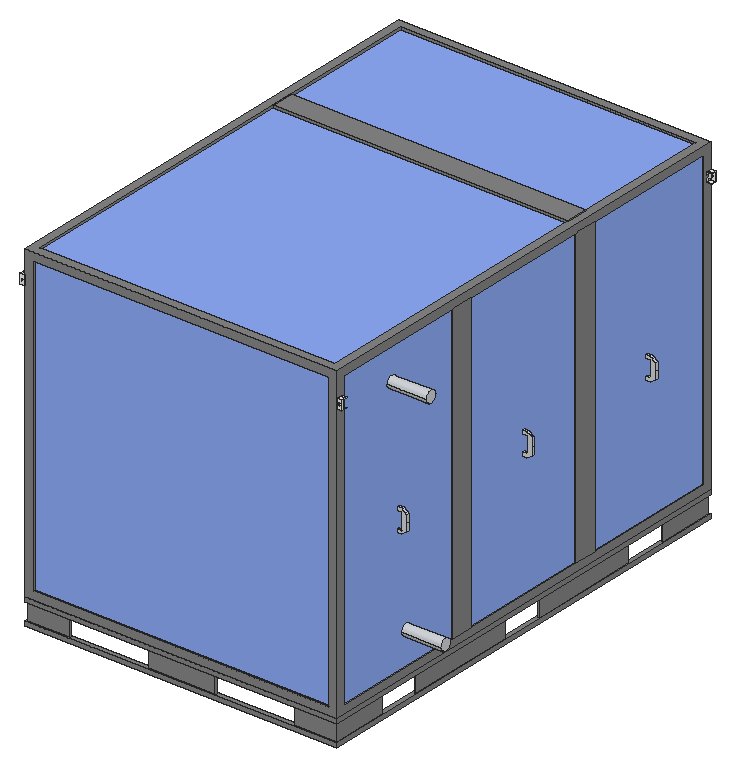
Revit family "25. Секция смешения с фильтром и водонагревателем ANR N3", category Оборудование, Revit 2016
Family settings
  Тип детали = Нормальный
  Размер круглого соединителя = Использовать диаметр
  На основе рабочей плоскости = Нет
  Всегда вертикально = Да
  При загрузке вырезать с полостями = Нет
  Общий = Нет
  Точка расчета площади = Нет
Parameters (values of type "ANR 12 N3")
  Ширина = А - 75 mm  # 1360 mm
  Синий = Синий
  Середина = h + Б1 / 2  # 837.5 mm
  Резьбовое соединение, дюймы = "G2\""
  Размер В = 1060 mm
  Д3 = Д1 / 6  # 355 mm
  Д2 = Д1 / 3  # 710 mm
  Д1 = Д - 20 mm  # 2130 mm
  Д = 2150 mm
  ножки(да/нет) [instance] = no
  Г = 85 mm
  Высота = Б - 75 mm  # 1360 mm
  Б1 = Б - 20 mm  # 1415 mm
  А1 = А - 20 mm  # 1415 mm
  А = 1435 mm
  высота ножек = 120 mm
  Б = 1435 mm
  Частотный преобразователь [instance] = no
  Частота вращения n, об/мин = ""
  Тип, марка, обозначение = "ANR 12 N3"
  Сила тока J, А = ""
  Регулятор расхода [instance] = no
  Раздел = "ОВ"
  Примечание = ""
  Позиция = ""
  Напряжение U,В = ""
  Наименование и тех.хар-ка = "Секция смешения с фильтром EU4  и водонагревателем"  # constant formula
  Мощность двигателя N,Вт = ""
  Материал = Сталь серая
  Масса единицы = ""
  Код, оборудования = ""
  Ключевая пометка = "Вентиляция"
  Задание электрикам [instance] = no
  Задание автоматчикам [instance] = no
  Завод изготовитель = "KORF"  # constant formula
  Единица измерения = "шт."  # constant formula
  h = высота ножек + 10 mm  # 130 mm
  d = 50.8 mm
Types (10, lengths in mm): name | Ширина | Середина | Резьбовое соединение, дюймы | Размер В | Д3 | Д2 | Д1 | Д | Г | Высота | Б1 | А1 | А | Б | Тип, марка, обозначение | d
  ANR 6 N3 | 1025 | 670 | "G1 1/4\"" | 735 | 267.5 | 535 | 1605 | 1625 | 85 | 1025 | 1080 | 1080 | 1100 | 1100 | "ANR 6 N3" | 31.8
  ANR 7 N3 | 1025 | 780 | "G1 1/2\"" | 985 | 267.5 | 535 | 1605 | 1625 | 85 | 1245 | 1300 | 1080 | 1100 | 1320 | "ANR 7 N3" | 38.1
  ANR 8 N3 | 1245 | 780 | "G1 1/2\"" | 985 | 267.5 | 535 | 1605 | 1625 | 85 | 1245 | 1300 | 1300 | 1320 | 1320 | "ANR 8 N3" | 38.1
  ANR 12 N3 | 1360 | 837.5 | "G2\"" | 1060 | 355 | 710 | 2130 | 2150 | 85 | 1360 | 1415 | 1415 | 1435 | 1435 | "ANR 12 N3" | 50.8
  ANR 20 N3 | 1585 | 950 | "G2\"" | 1355 | 355 | 710 | 2130 | 2150 | 85 | 1585 | 1640 | 1640 | 1660 | 1660 | "ANR 20 N3" | 50.8
  ANR 25 N3 | 1970 | 1142.5 | "G2 1/2\"" | 1740 | 355 | 710 | 2130 | 2150 | 85 | 1970 | 2025 | 2025 | 2045 | 2045 | "ANR 25 N3" | 63.5
  ANR 30 N3 | 2410 | 1142.5 | "G2 1/2\"" | 1685 | 355 | 710 | 2130 | 2150 | 100 | 1970 | 2025 | 2465 | 2485 | 2045 | "ANR 30 N3" | 63.5
  ANR 35 N3 | 2410 | 1362.5 | "G3\"" | 2125 | 355 | 710 | 2130 | 2150 | 125 | 2410 | 2465 | 2465 | 2485 | 2485 | "ANR 35 N3" | 76.2
  ANR 40 N3 | 3245 | 1780 | "G4\"" | 1355 | 355 | 710 | 2130 | 2150 | 100 | 3245 | 3300 | 3300 | 3320 | 3320 | "ANR 40 N3" | 101.6
  ANR 45 N3 | 3245 | 2165 | "G4\"" | 1740 | 355 | 710 | 2130 | 2150 | 125 | 4015 | 4070 | 3300 | 3320 | 4090 | "ANR 45 N3" | 101.6
Reference planes
  plane 1 "По центру (Вперед/Назад)": y = 0
  plane 2: z = 0
  plane 3 "По центру (Влево/Вправо)": x = 0
  plane 4: x = -707.5
  plane 5: x = 707.5
  plane 6: y = 1065
  plane 7: y = -1065
  plane 8: z = 1545
  plane 9: z = 130
  plane 10: z = 837.5
  plane 11: z = 1445
  plane 12: x = 574.5
  plane 13: x = 757.5
  plane 14: z = 1555
  plane 15: z = 1367.5
  plane 16: z = 307.5
  plane 17: x = 892.5
  plane 18: y = -752.5
  plane 19: y = -667.5
  plane 20: y = -355
  plane 21: y = 355
  plane 22: y = -303
  plane 23: y = -406.974
  plane 24: y = 303
  plane 25: y = 407
  plane 26: y = 710
  plane 27: y = -710
  plane 28: x = 717.5
  plane 29: y = 810
  plane 30: y = 610
  plane 31: y = -100
  plane 32: y = 100
  plane 33: y = -810
  plane 34: y = -610
Forms (mm)
  Extrusion 1, solid, material "Синий" <- "Синий", detail levels fine
    sketch origin (0, 0, 50) x (1, 0, 0) y (0, 1, 0)
      loop
        line (-707.5, 1065) -> (-707.5, -1065) -> (707.5, -1065) -> (707.5, 1065) -> (-707.5, 1065)
    from 80 to 1495
  Sweep 2, solid, material "Сталь серая" <- "Материал", detail levels fine
    path origin (707.5, -1065, 50) x (-1, 0, 0) y (0, 0, -1)
      loop
        line (0, -1495) -> (1415, -1495) -> (1415, -80) -> (0, -80) -> (0, -1495)
    profile "Профиль уголок 10х10 : Профиль уголок 10х10" origin (0, -1065, 1545) x (0, 0, -1) y (0, -1, 0)
      loop
        line (0, -27.5) -> (0, 0) -> (27.5, 0) -> (27.5, 10) -> (-10, 10) -> (-10, -27.5) -> (0, -27.5)
  Sweep 3, solid, material "Сталь серая" <- "Материал", detail levels fine
    path origin (-707.5, 1065, 50) x (1, 0, 0) y (0, 0, -1)
      loop
        line (0, -1495) -> (1415, -1495) -> (1415, -80) -> (0, -80) -> (0, -1495)
    profile "Профиль уголок 10х10 : Профиль уголок 10х10" origin (0, 1065, 1545) x (0, 0, -1) y (0, 1, 0)
      loop
        line (0, -27.5) -> (0, 0) -> (27.5, 0) -> (27.5, 10) -> (-10, 10) -> (-10, -27.5) -> (0, -27.5)
  Sweep 4, solid, material "Сталь серая" <- "Материал", detail levels fine
    path origin (707.5, 1065, 50) x (0, -1, 0) y (0, 0, -1)
      loop
        line (0, -1495) -> (2130, -1495) -> (2130, -80) -> (0, -80) -> (0, -1495)
    profile "Профиль уголок 10х10 : Профиль уголок 10х10" origin (707.5, 0, 1545) x (0, 0, -1) y (1, 0, 0)
      loop
        line (0, -27.5) -> (0, 0) -> (27.5, 0) -> (27.5, 10) -> (-10, 10) -> (-10, -27.5) -> (0, -27.5)
  Sweep 5, solid, material "Сталь серая" <- "Материал", detail levels fine
    path origin (-707.5, -1065, 50) x (0, 1, 0) y (0, 0, -1)
      loop
        line (0, -1495) -> (2130, -1495) -> (2130, -80) -> (0, -80) -> (0, -1495)
    profile "Профиль уголок 10х10 : Профиль уголок 10х10" origin (-707.5, 0, 1545) x (0, 0, -1) y (-1, 0, 0)
      loop
        line (0, -27.5) -> (0, 0) -> (27.5, 0) -> (27.5, 10) -> (-10, 10) -> (-10, -27.5) -> (0, -27.5)
  Extrusion 6, void, not visible
    sketch origin (-345, -245, 50) x (0, -1, 0) y (0, 0, -1)
      loop
        line (-477.965, -475) -> (-477.965, -450) -> (-528.913, -450) -> (-528.913, -475) -> (-477.965, -475)
    from -47.452 to 12
  Sweep 7, solid, material "Сталь серая" <- "Материал", detail levels fine
    path origin (0, 0, 0) x (1, 0, 0) y (0, 1, 0)
      loop
        line (-707.5, 1065) -> (-707.5, -1065) -> (707.5, -1065) -> (707.5, 1065) -> (-707.5, 1065)
    profile "Семейство1 : Семейство1" origin (0, 1065, 0) x (0, 1, 0) y (0, 0, 1)
      loop
        line (-10, 120) -> (-10, 100) -> (-3.38, 100) -> (-3.38, 20) -> (-10, 20) -> (-10, 0) -> (10, 0) -> (10, 20) -> (3.38, 20) -> (3.38, 100) -> (10, 100) -> (10, 120) -> (-10, 120)
  Extrusion 8, void
    sketch origin (0, 0, 0) x (1, 0, 0) y (0, 0, 1)
      loop
        line (152.369, 100) -> (152.369, 20) -> (516.298, 20) -> (516.298, 100) -> (152.369, 100)
      loop
        line (-152.369, 100) -> (-516.298, 100) -> (-516.298, 20) -> (-152.369, 20) -> (-152.369, 100)
    from -1075 to 1075
  Extrusion 9, solid, material "Сталь серая" <- "Материал", detail levels fine
    sketch origin (560, -260, 0) x (0, 1, 0) y (0, 0, 1)
      loop
        line (-146.974, 1517.5) -> (-146.974, 157.5) -> (-43, 157.5) -> (-43, 1517.5) -> (-146.974, 1517.5)
    from 157.5 to 147.5
  Extrusion 10, solid, detail levels fine
    sketch origin (0, 0, 0) x (0, 1, 0) y (0, 0, 1)
      loop
        circle (-752.5, 1367.5) r 25.4
    from 707.5 to 892.5
  Extrusion 11, solid, detail levels fine
    sketch origin (0, 0, 0) x (0, 1, 0) y (0, 0, 1)
      loop
        circle (-667.5, 307.5) r 25.4
    from 707.5 to 892.5
  Extrusion 12, solid, material "Сталь серая" <- "Материал", detail levels fine
    sketch origin (560, 262.3, -4.8) x (0, 1, 0) y (0, 0, 1)
      loop
        line (40.7, 1522.3) -> (40.7, 162.3) -> (144.7, 162.3) -> (144.7, 1522.3) -> (40.7, 1522.3)
    from 157.5 to 147.5
  Extrusion 13, solid, material "Сталь серая" <- "Материал", detail levels fine
    sketch origin (0, 0, 0) x (1, 0, 0) y (0, 1, 0)
      loop
        line (-680, 407) -> (-680, 303) -> (680, 303) -> (680, 407) -> (-680, 407)
    from 1545 to 1555
  Extrusion 14, void
    sketch origin (0, 0, 0) x (0, 1, 0) y (0, 0, 1)
      loop
        line (-810, 100) -> (-810, 20) -> (-610, 20) -> (-610, 100) -> (-810, 100)
      loop
        line (-100, 100) -> (-100, 20) -> (100, 20) -> (100, 100) -> (-100, 100)
      loop
        line (610, 100) -> (610, 20) -> (810, 20) -> (810, 100) -> (610, 100)
    from -1931.613 to 1786.181
Cuts and joins
  joined: Sweep 2, Sweep 3, Sweep 4, Sweep 5
  Extrusion 8, Extrusion 14 cuts Sweep 7
Lines and regions (mm)
  model lines, detail levels coarse
    curve 1: line (-717.5, 1075, 0) -> (717.5, 1075, 0)
    curve 2: line (-717.5, -1075, 0) -> (-717.5, 1075, 0)
    curve 3: line (717.5, -1075, 0) -> (-717.5, -1075, 0)
    curve 4: line (717.5, 1075, 0) -> (717.5, -1075, 0)
    curve 5: line (-717.5, 407, 0) -> (717.5, 407, 0)
    curve 6: circle (0, -710, 0) r 100 normal (0, 0, 1)
    curve 7: line (0, -610, 0) -> (0, -810, 0)
    curve 8: line (-100, -710, 0) -> (100, -710, 0)
    curve 9: line (-500.37, -136.12, 0) -> (-485.37, -136.12, 0)
    curve 10: line (-485.37, -136.12, 0) -> (-460.625, -243.301, 0)
    curve 11: line (-460.625, -243.301, 0) -> (-425.625, -243.301, 0)
    curve 12: line (-400.88, -136.12, 0) -> (-425.625, -243.301, 0)
    curve 13: line (-400.88, -136.12, 0) -> (-385.88, -136.12, 0)
    curve 14: line (-385.88, -136.12, 0) -> (-361.136, -243.301, 0)
    curve 15: line (-361.136, -243.301, 0) -> (-326.136, -243.301, 0)
    curve 16: line (-301.391, -136.12, 0) -> (-326.136, -243.301, 0)
    curve 17: line (-301.391, -136.12, 0) -> (-286.391, -136.12, 0)
    curve 18: line (-286.391, -136.12, 0) -> (-261.646, -243.301, 0)
    curve 19: line (-261.646, -243.301, 0) -> (-226.646, -243.301, 0)
    curve 20: line (-201.902, -136.12, 0) -> (-226.646, -243.301, 0)
    curve 21: line (-201.902, -136.12, 0) -> (-186.902, -136.12, 0)
    curve 22: line (-186.902, -136.12, 0) -> (-162.157, -243.301, 0)
    curve 23: line (-162.157, -243.301, 0) -> (-127.157, -243.301, 0)
    curve 24: line (-102.413, -136.12, 0) -> (-127.157, -243.301, 0)
    curve 25: line (-102.413, -136.12, 0) -> (-87.413, -136.12, 0)
    curve 26: line (-87.413, -136.12, 0) -> (-62.668, -243.301, 0)
    curve 27: line (-62.668, -243.301, 0) -> (-27.668, -243.301, 0)
    curve 28: line (-2.923, -136.12, 0) -> (-27.668, -243.301, 0)
    curve 29: line (-2.923, -136.12, 0) -> (12.077, -136.12, 0)
    curve 30: line (12.077, -136.12, 0) -> (36.821, -243.301, 0)
    curve 31: line (36.821, -243.301, 0) -> (71.821, -243.301, 0)
    curve 32: line (96.566, -136.12, 0) -> (71.821, -243.301, 0)
    curve 33: line (96.566, -136.12, 0) -> (111.566, -136.12, 0)
    curve 34: line (111.566, -136.12, 0) -> (136.31, -243.301, 0)
    curve 35: line (136.31, -243.301, 0) -> (171.31, -243.301, 0)
    curve 36: line (196.055, -136.12, 0) -> (171.31, -243.301, 0)
    curve 37: line (196.055, -136.12, 0) -> (211.055, -136.12, 0)
    curve 38: line (211.055, -136.12, 0) -> (235.8, -243.301, 0)
    curve 39: line (235.8, -243.301, 0) -> (270.8, -243.301, 0)
    curve 40: line (295.544, -136.12, 0) -> (270.8, -243.301, 0)
    curve 41: line (295.544, -136.12, 0) -> (310.544, -136.12, 0)
    curve 42: line (310.544, -136.12, 0) -> (335.289, -243.301, 0)
    curve 43: line (335.289, -243.301, 0) -> (370.289, -243.301, 0)
    curve 44: line (395.034, -136.12, 0) -> (370.289, -243.301, 0)
    curve 45: line (395.034, -136.12, 0) -> (410.034, -136.12, 0)
    curve 46: line (410.034, -136.12, 0) -> (434.778, -243.301, 0)
    curve 47: line (434.778, -243.301, 0) -> (469.778, -243.301, 0)
    curve 48: line (494.523, -136.12, 0) -> (469.778, -243.301, 0)
  model lines, not visible, detail levels coarse
    curve 49: line (-500.37, -136.12, 0) -> (-485.37, -136.12, 0)
    curve 50: line (-485.37, -136.12, 0) -> (-460.625, -243.301, 0)
    curve 51: line (-460.625, -243.301, 0) -> (-425.625, -243.301, 0)
    curve 52: line (-400.88, -136.12, 0) -> (-425.625, -243.301, 0)
    curve 53: line (-400.88, -136.12, 0) -> (-385.88, -136.12, 0)
    curve 54: line (-385.88, -136.12, 0) -> (-361.136, -243.301, 0)
    curve 55: line (-361.136, -243.301, 0) -> (-326.136, -243.301, 0)
    curve 56: line (-301.391, -136.12, 0) -> (-326.136, -243.301, 0)
    curve 57: line (-301.391, -136.12, 0) -> (-286.391, -136.12, 0)
    curve 58: line (-286.391, -136.12, 0) -> (-261.646, -243.301, 0)
    curve 59: line (-261.646, -243.301, 0) -> (-226.646, -243.301, 0)
    curve 60: line (-201.902, -136.12, 0) -> (-226.646, -243.301, 0)
    curve 61: line (-201.902, -136.12, 0) -> (-186.902, -136.12, 0)
    curve 62: line (-186.902, -136.12, 0) -> (-162.157, -243.301, 0)
    curve 63: line (-162.157, -243.301, 0) -> (-127.157, -243.301, 0)
    curve 64: line (-102.413, -136.12, 0) -> (-127.157, -243.301, 0)
    curve 65: line (-102.413, -136.12, 0) -> (-87.413, -136.12, 0)
    curve 66: line (-87.413, -136.12, 0) -> (-62.668, -243.301, 0)
    curve 67: line (-62.668, -243.301, 0) -> (-27.668, -243.301, 0)
    curve 68: line (-2.923, -136.12, 0) -> (-27.668, -243.301, 0)
    curve 69: line (-2.923, -136.12, 0) -> (12.077, -136.12, 0)
    curve 70: line (12.077, -136.12, 0) -> (36.821, -243.301, 0)
    curve 71: line (36.821, -243.301, 0) -> (71.821, -243.301, 0)
    curve 72: line (96.566, -136.12, 0) -> (71.821, -243.301, 0)
    curve 73: line (96.566, -136.12, 0) -> (111.566, -136.12, 0)
    curve 74: line (111.566, -136.12, 0) -> (136.31, -243.301, 0)
    curve 75: line (136.31, -243.301, 0) -> (171.31, -243.301, 0)
    curve 76: line (196.055, -136.12, 0) -> (171.31, -243.301, 0)
    curve 77: line (196.055, -136.12, 0) -> (211.055, -136.12, 0)
    curve 78: line (211.055, -136.12, 0) -> (235.8, -243.301, 0)
    curve 79: line (235.8, -243.301, 0) -> (270.8, -243.301, 0)
    curve 80: line (295.544, -136.12, 0) -> (270.8, -243.301, 0)
    curve 81: line (295.544, -136.12, 0) -> (310.544, -136.12, 0)
    curve 82: line (310.544, -136.12, 0) -> (335.289, -243.301, 0)
    curve 83: line (335.289, -243.301, 0) -> (370.289, -243.301, 0)
    curve 84: line (395.034, -136.12, 0) -> (370.289, -243.301, 0)
    curve 85: line (395.034, -136.12, 0) -> (410.034, -136.12, 0)
    curve 86: line (410.034, -136.12, 0) -> (434.778, -243.301, 0)
    curve 87: line (434.778, -243.301, 0) -> (469.778, -243.301, 0)
    curve 88: line (494.523, -136.12, 0) -> (469.778, -243.301, 0)
  model lines, detail levels medium
    curve 89: line (0, -1075, 1555) -> (0, 1064.909, 1555)
    curve 90: line (0, -1075, 0) -> (0, -1075, 1555)
    curve 91: line (0, 1064.909, 0) -> (0, -1075, 0)
    curve 92: line (0, 1064.909, 1555) -> (0, 1064.909, 0)
    curve 93: line (0, -355, 1555) -> (0, -355, 0)
    curve 94: line (0, 407, 1555) -> (0, 407, 0)
    curve 95: circle (0, -710, 837.5) r 140 normal (1, 0, 0)
    curve 96: line (0, -710, 977.5) -> (0, -710, 697.5)
    curve 97: line (0, -850, 837.5) -> (0, -570, 837.5)
    curve 98: line (0, 67.224, 1337.196) -> (0, 67.224, 1312.196)
    curve 99: line (0, 67.224, 1312.196) -> (0, -113.034, 1270.58)
    curve 100: line (0, -113.034, 1270.58) -> (0, -113.034, 1220.58)
    curve 101: line (0, 67.224, 1178.964) -> (0, -113.034, 1220.58)
    curve 102: line (0, 67.224, 1178.964) -> (0, 67.224, 1153.964)
    curve 103: line (0, 67.224, 1153.964) -> (0, -113.034, 1112.348)
    curve 104: line (0, -113.034, 1112.348) -> (0, -113.034, 1062.348)
    curve 105: line (0, 67.224, 1020.732) -> (0, -113.034, 1062.348)
    curve 106: line (0, 67.224, 1020.732) -> (0, 67.224, 995.732)
    curve 107: line (0, 67.224, 995.732) -> (0, -113.034, 954.116)
    curve 108: line (0, -113.034, 954.116) -> (0, -113.034, 904.116)
    curve 109: line (0, 67.224, 862.5) -> (0, -113.034, 904.116)
    curve 110: line (0, 67.224, 862.5) -> (0, 67.224, 837.5)
    curve 111: line (0, 67.224, 837.5) -> (0, -113.034, 795.884)
    curve 112: line (0, -113.034, 795.884) -> (0, -113.034, 745.884)
    curve 113: line (0, 67.224, 704.268) -> (0, -113.034, 745.884)
    curve 114: line (0, 67.224, 704.268) -> (0, 67.224, 679.268)
    curve 115: line (0, 67.224, 679.268) -> (0, -113.034, 637.652)
    curve 116: line (0, -113.034, 637.652) -> (0, -113.034, 587.652)
    curve 117: line (0, 67.224, 546.036) -> (0, -113.034, 587.652)
    curve 118: line (0, 67.224, 546.036) -> (0, 67.224, 521.036)
    curve 119: line (0, 67.224, 521.036) -> (0, -113.034, 479.42)
    curve 120: line (0, -113.034, 479.42) -> (0, -113.034, 429.42)
    curve 121: line (0, 67.224, 387.804) -> (0, -113.034, 429.42)
    curve 122: line (0, 67.224, 387.804) -> (0, 67.224, 362.804)
    curve 123: line (0, 67.224, 362.804) -> (0, -113.034, 321.188)
    curve 124: line (0, -113.034, 321.188) -> (0, -113.034, 271.188)
    curve 125: line (0, 67.224, 229.572) -> (0, -113.034, 271.188)
  model lines, not visible, detail levels medium
    curve 126: line (0, 50.785, 1165.9) -> (0, 50.785, 1140.9)
    curve 127: line (0, 50.785, 1140.9) -> (0, -129.473, 1099.284)
    curve 128: line (0, -129.473, 1099.284) -> (0, -129.473, 1049.284)
    curve 129: line (0, 50.785, 1007.668) -> (0, -129.473, 1049.284)
    curve 130: line (0, 50.785, 1007.668) -> (0, 50.785, 982.668)
    curve 131: line (0, 50.785, 982.668) -> (0, -129.473, 941.053)
    curve 132: line (0, -129.473, 941.053) -> (0, -129.473, 891.053)
    curve 133: line (0, 50.785, 849.437) -> (0, -129.473, 891.053)
    curve 134: line (0, 50.785, 849.437) -> (0, 50.785, 824.437)
    curve 135: line (0, 50.785, 824.437) -> (0, -129.473, 782.821)
    curve 136: line (0, -129.473, 782.821) -> (0, -129.473, 732.821)
    curve 137: line (0, 50.785, 691.205) -> (0, -129.473, 732.821)
    curve 138: line (0, 50.785, 691.205) -> (0, 50.785, 666.205)
    curve 139: line (0, 50.785, 666.205) -> (0, -129.473, 624.589)
    curve 140: line (0, -129.473, 624.589) -> (0, -129.473, 574.589)
    curve 141: line (0, 50.785, 532.973) -> (0, -129.473, 574.589)
    curve 142: line (0, 50.785, 532.973) -> (0, 50.785, 507.973)
    curve 143: line (0, 50.785, 507.973) -> (0, -129.473, 466.357)
    curve 144: line (0, -129.473, 466.357) -> (0, -129.473, 416.357)
    curve 145: line (0, 50.785, 374.741) -> (0, -129.473, 416.357)
    curve 146: line (0, 50.785, 374.741) -> (0, 50.785, 349.741)
    curve 147: line (0, 50.785, 349.741) -> (0, -129.473, 308.125)
    curve 148: line (0, -129.473, 308.125) -> (0, -129.473, 258.125)
    curve 149: line (0, 50.785, 216.509) -> (0, -129.473, 258.125)
    curve 150: line (0, 50.785, 216.509) -> (0, 50.785, 191.509)
    curve 151: line (0, 50.785, 191.509) -> (0, -129.473, 149.893)
    curve 152: line (0, -129.473, 149.893) -> (0, -129.473, 99.893)
    curve 153: line (0, 50.785, 58.277) -> (0, -129.473, 99.893)
Dimensions and locks
  equal spacing: plane 6, plane 1 "По центру (Вперед/Назад)", plane 7
  "Д1": plane 6 to plane 7
  equal spacing: plane 4, plane 3 "По центру (Влево/Вправо)", plane 5
  "А1": plane 4 to plane 5
  "h": plane 9 to level
  "Б1": plane 8 to plane 9
  cut or joined group of Sweep 2, Sweep 3, Sweep 4, Sweep 5 to level = 120 mm
  locked: plane 3 "По центру (Влево/Вправо)" to cut or joined group of Sweep 7, Extrusion 8, Extrusion 14 at 152.369
  locked: cut or joined group of Sweep 7, Extrusion 8, Extrusion 14 to plane 3 "По центру (Влево/Вправо)" at 152.369
  "Середина": plane 10 to level
  Extrusion 9 sketch curve to Extrusion 9 sketch curve to plane 1 "По центру (Вперед/Назад)" = 103.974 mm, 303 mm
  locked: plane 8 to plane 11 at 100
  Extrusion 9 to plane 12 = 133 mm
  locked: plane 13 to plane 5 at 50
  plane 1 "По центру (Вперед/Назад)" to plane 7 = 1065 mm
  plane 6 to plane 1 "По центру (Вперед/Назад)" = 1065 mm
  locked: plane 14 to plane 8 at 10
  equal spacing: plane 15, plane 10, plane 16
  "Размер В": plane 15 to plane 16
  locked: plane 17 to plane 5 at 185
  "Г": plane 18 to plane 19
  "Д2": plane 7 to plane 20
  "Д2": plane 21 to plane 6
  plane 23 to plane 20 to plane 22 = 51.974 mm locked, 52 mm locked
  Extrusion 12 sketch curve to Extrusion 12 sketch curve = 104 mm
  plane 24 to plane 21 to plane 25 = 52 mm locked, 52 mm locked
  "Д3": plane 26 to plane 6
  "Д3": plane 7 to plane 27
  equal spacing: plane 18, plane 27, plane 19
  locked: plane 28 to plane 5 at 10
  equal spacing: plane 31, plane 1 "По центру (Вперед/Назад)", plane 32
  locked: plane 30 to plane 29 at 200
  locked: plane 31 to plane 32 at 200
  equal spacing: plane 30, plane 26, plane 29
  equal spacing: plane 33, plane 27, plane 34
  locked: plane 33 to plane 34 at 200
  "d": diameter of Extrusion 10 sketch curve
  "d": diameter of Extrusion 11 sketch curve
  aligned and locked: level to plane 2
  aligned and locked: Extrusion 1 to plane 6
  aligned and locked: Extrusion 1 to plane 5
  aligned and locked: Extrusion 1 to plane 7
  aligned and locked: Extrusion 1 to plane 4
  aligned and locked: plane 8 to Extrusion 1
  aligned and locked: Extrusion 1 to plane 9
  aligned and locked: Sweep 4 sketch curve to Extrusion 1  (x2)
  aligned and locked: Sweep 5 sketch curve to Extrusion 1  (x2)
  aligned and locked: Sweep 7 sketch curve to Extrusion 1  (x4)
  aligned and locked: Sweep 7 to Extrusion 8  (x2)
  aligned and locked: Extrusion 9 to cut or joined group of Sweep 2, Sweep 3, Sweep 4, Sweep 5  (x4)
  aligned and locked: nested 3 to cut or joined group of Sweep 2, Sweep 3, Sweep 4, Sweep 5  (x2)
  aligned and locked: nested 3 to plane 11
  aligned and locked: nested 4 to plane 11
  aligned and locked: cut or joined group of Sweep 2, Sweep 3, Sweep 4, Sweep 5 to nested 4  (x2)
  aligned and locked: cut or joined group of Sweep 2, Sweep 3, Sweep 4, Sweep 5 to nested 3
  aligned and locked: cut or joined group of Sweep 2, Sweep 3, Sweep 4, Sweep 5 to nested 6
  aligned and locked: nested 5 to cut or joined group of Sweep 2, Sweep 3, Sweep 4, Sweep 5
  aligned and locked: plane 11 to nested 6
  aligned and locked: plane 11 to nested 5
  aligned and locked: Extrusion 9 to Extrusion 1
  aligned and locked: nested 2 to plane 13
  aligned and locked: nested 6 to cut or joined group of Sweep 2, Sweep 3, Sweep 4, Sweep 5
  aligned and locked: cut or joined group of Sweep 2, Sweep 3, Sweep 4, Sweep 5 to nested 5
  aligned and locked: nested 2 to plane 10  (x2)
  aligned and locked: nested 7 to plane 10  (x2)
  aligned and locked: nested 7 to plane 13  (x2)
  aligned and locked: plane 17 to Extrusion 10
  aligned and locked: Extrusion 10 to plane 5
  aligned and locked: plane 17 to Extrusion 11
  aligned and locked: Extrusion 11 to plane 5
  aligned and locked: Extrusion 9 to plane 23
  aligned and locked: Extrusion 9 to plane 22
  aligned and locked: Extrusion 12 to plane 24
  aligned and locked: Extrusion 12 to plane 25
  aligned and locked: Extrusion 12 to cut or joined group of Sweep 2, Sweep 3, Sweep 4, Sweep 5  (x2)
  aligned and locked: nested 7 to plane 26
  aligned and locked: nested 2 to plane 27
  aligned and locked: plane 1 "По центру (Вперед/Назад)" to nested 8
  aligned and locked: nested 8 to plane 10
  aligned and locked: nested 8 to plane 13
  aligned and locked: plane 13 to nested 7
  aligned and locked: Extrusion 12 to Extrusion 9
  aligned and locked: Extrusion 12 to plane 5
  aligned and locked: Extrusion 9 to plane 28
  aligned and locked: Extrusion 13 to plane 25
  aligned and locked: plane 24 to Extrusion 13
  aligned and locked: Extrusion 13 to cut or joined group of Sweep 2, Sweep 3, Sweep 4, Sweep 5  (x2)
  aligned and locked: plane 8 to Extrusion 13
  aligned and locked: Extrusion 13 to plane 14
  aligned and locked: Extrusion 14 to plane 33
  aligned and locked: plane 34 to Extrusion 14
  aligned and locked: Extrusion 14 to plane 31
  aligned and locked: plane 32 to Extrusion 14
  aligned and locked: Extrusion 14 to plane 30
  aligned and locked: plane 29 to Extrusion 14
  aligned and locked: Extrusion 14 to cut or joined group of Sweep 7, Extrusion 8, Extrusion 14  (x6)
  aligned and locked: curve 1 to cut or joined group of Sweep 2, Sweep 3, Sweep 4, Sweep 5
  aligned and locked: curve 2 to cut or joined group of Sweep 2, Sweep 3, Sweep 4, Sweep 5
  aligned and locked: curve 3 to cut or joined group of Sweep 7, Extrusion 8, Extrusion 14
  aligned and locked: curve 4 to cut or joined group of Sweep 2, Sweep 3, Sweep 4, Sweep 5
  aligned and locked: plane 25 to curve 5
  aligned and locked: curve 7 to plane 3 "По центру (Влево/Вправо)"
  aligned and locked: curve 8 to plane 27
  aligned and locked: curve 89 to cut or joined group of Sweep 2, Sweep 3, Sweep 4, Sweep 5
  aligned and locked: curve 90 to cut or joined group of Sweep 2, Sweep 3, Sweep 4, Sweep 5
  aligned and locked: plane 2 to curve 91
  aligned and locked: curve 93 to plane 20
  aligned and locked: curve 94 to Extrusion 13
  aligned and locked: curve 96 to plane 27
  aligned and locked: curve 97 to plane 10
  aligned and locked: plane 10 to curve 111
Automatic sketch dimensions
  Extrusion 6 sketch curve to Extrusion 6 sketch curve = 50.949 mm
  Extrusion 6 sketch curve to Extrusion 6 sketch curve = 25 mm
  curve 95 to plane 10 = 0 mm
  curve 95 to plane 27 = 0 mm
  curve 89 to plane 6 = 0.091 mm
  curve 97 to plane 33 = 40 mm
  curve 6 to plane 3 "По центру (Влево/Вправо)" = 0 mm
  curve 6 to plane 27 = 0 mm
  curve 8 to plane 3 "По центру (Влево/Вправо)" = 100 mm
  Extrusion 1 sketch curve to plane 4 = 0 mm
  Extrusion 1 sketch curve to plane 5 = 0 mm
  Extrusion 1 sketch curve to plane 7 = 0 mm
  Extrusion 1 sketch curve to plane 6 = 0 mm
  Sweep 2 sketch curve to Extrusion 1 = 0 mm  (x4)
  Sweep 3 sketch curve to Extrusion 1 = 0 mm  (x3)
  Extrusion 1 to Sweep 3 sketch curve = 0 mm
  Sweep 4 sketch curve to Extrusion 1 = 0 mm  (x2)
  Sweep 5 sketch curve to Extrusion 1 = 0 mm  (x2)
  Extrusion 8 sketch curve to plane 9 = 30 mm  (x2)
  plane 4 to Extrusion 8 sketch curve = 191.202 mm
  level to Extrusion 8 sketch curve = 20 mm  (x2)
  Extrusion 8 sketch curve to plane 3 "По центру (Влево/Вправо)" = 152.369 mm
  plane 3 "По центру (Влево/Вправо)" to Extrusion 8 sketch curve = 152.369 mm
  Extrusion 8 sketch curve to plane 5 = 191.202 mm
  plane 9 to Extrusion 9 sketch curve = 27.5 mm
  Extrusion 9 sketch curve to plane 8 = 27.5 mm
  Extrusion 12 sketch curve to plane 24 = 0 mm
  plane 9 to Extrusion 12 sketch curve = 27.5 mm
  Extrusion 12 sketch curve to plane 8 = 27.5 mm
  plane 24 to Extrusion 13 sketch curve = 0 mm
  plane 25 to Extrusion 13 sketch curve = 0 mm
  plane 4 to Extrusion 13 sketch curve = 27.5 mm
  Extrusion 13 sketch curve to plane 5 = 27.5 mm
  Extrusion 14 sketch curve to plane 33 = 0 mm
  Extrusion 14 sketch curve to plane 34 = 0 mm
  Extrusion 14 sketch curve to plane 31 = 0 mm
  Extrusion 14 sketch curve to plane 32 = 0 mm
  Extrusion 14 sketch curve to plane 30 = 0 mm
  Extrusion 14 sketch curve to plane 29 = 0 mm
  level to Extrusion 14 sketch curve = 20 mm  (x3)
  Extrusion 14 sketch curve to plane 9 = 30 mm  (x3)
  Extrusion 10 sketch curve to plane 15 = 0 mm
  Extrusion 10 sketch curve to plane 18 = 0 mm
  Extrusion 11 sketch curve to plane 16 = 0 mm
  Extrusion 11 sketch curve to plane 19 = 0 mm
Nested families
  nested 1: "крепление 15мм" at (-330, 229.965, 495), type "крепление 15мм", not visible
  nested 2: "Ручка" at (719.518, -720, 788.608), type "Ручка", detail levels fine
  nested 3: "крепеж" at (742, -1075, 1400.175) x (-1, 0, 0) z (0, 0, 1), type "крепеж", detail levels fine
  nested 4: "крепеж" at (742, 1075, 1400.175) x (-1, 0, 0) z (0, 0, 1), type "крепеж", detail levels fine
  nested 5: "крепеж" at (-742, -1075, 1400.175), type "крепеж", detail levels fine
  nested 6: "крепеж" at (-742, 1075, 1400.175), type "крепеж", detail levels fine
  nested 7: "Ручка" at (719.518, 710, 788.608), type "Ручка", detail levels fine
  nested 8: "Ручка" at (719.518, 0, 788.608), type "Ручка", detail levels fine
Connectors
  piping at (892.5, -752.5, 1367.5), diameter 50.8, driven by "d"
    settings: on Extrusion 10, index 1, connector inside diameter 609.6 mm, connector length 0 mm, flow factor 0, pipe flow 0.0 L/s, pressure drop 0.0 Pa, fitting loss kfactor 0, connector angle 0.00°, fixture units 0, engagement length 0 mm, angle of deflection 0.00°, flow configuration 0, flow direction 0, fitting loss method 0, system type 28, joint type 0, gender type 0, connector reference index -1, connector utility 0, adjustable connector no, is connector primary yes, connector description ""
  piping at (892.5, -667.5, 307.5), diameter 50.8, driven by "d"
    settings: on Extrusion 11, index 2, connector inside diameter 609.6 mm, connector length 0 mm, flow factor 0, pipe flow 0.0 L/s, pressure drop 0.0 Pa, fitting loss kfactor 0, connector angle 0.00°, fixture units 0, engagement length 0 mm, angle of deflection 0.00°, flow configuration 0, flow direction 0, fitting loss method 0, system type 28, joint type 0, gender type 0, connector reference index -1, connector utility 0, adjustable connector no, is connector primary no, connector description ""
  hvac at (0, -1075, 837.5), driven by "Ширина", driven by "Высота"
    settings: on cut or joined group of Sweep 2, Sweep 3, Sweep 4, Sweep 5, index 3, duct flow 0.0 L/s, flow factor 0, pres drop 0.0 Pa, loss coef 0, conn angle 0.00°, conn width 1360 mm, conn height 1360 mm, conn diameter 609.6 mm, duct sys type 3, conn prof type 1, flow config 0, flow direction 0, loss method 0, conn ref index 4, conn util no, is conn primary yes, conn desc ""
  hvac at (0, 1075, 837.5), driven by "Ширина", driven by "Высота"
    settings: on cut or joined group of Sweep 2, Sweep 3, Sweep 4, Sweep 5, index 4, duct flow 0.0 L/s, flow factor 0, pres drop 0.0 Pa, loss coef 0, conn angle 0.00°, conn width 1360 mm, conn height 1360 mm, conn diameter 609.6 mm, duct sys type 3, conn prof type 1, flow config 0, flow direction 0, loss method 0, conn ref index 3, conn util no, is conn primary no, conn desc ""
Definition of nested family "крепление 15мм"
  Parameters (values of type "крепление 15мм")
    Материал крепления = none
  Reference planes
    plane 1 "По центру (Вперед/Назад)": y = 0
    plane 2: z = 0
    plane 3 "По центру (Влево/Вправо)": x = 0
  Forms (mm)
    Extrusion 1, solid, material <- "Материал крепления"
      sketch origin (0, 0, 0) x (1, 0, 0) y (0, 1, 0)
        loop
          line (-25, 0) -> (0, 0) -> (0, 18.31) -> (0, 25) -> (-3, 25) -> (-3, 3) -> (-25, 3) -> (-25, 0)
      from 0 to 30
    Extrusion 2, void
      sketch origin (0, 0, 0) x (1, 0, 0) y (0, 1, 0)
        loop
          line (-3, 3) -> (-3, 54.96) -> (-58, 54.96) -> (-58, 3) -> (-3, 3)
      from 0 to 15
  Cuts and joins
    Extrusion 2 cuts Extrusion 1
  Dimensions and locks
    Extrusion 1 sketch curve to Extrusion 1 sketch curve = 3 mm  (x2)
    Extrusion 1 sketch curve to Extrusion 1 sketch curve to plane 3 "По центру (Влево/Вправо)" = 25 mm, 0 mm
    Extrusion 1 sketch curve to Extrusion 1 sketch curve = 25 mm
    aligned and locked: level to plane 2
Definition of nested family "Ручка"
  Parameters (values of type "Ручка")
    материал ручки = none
  Reference planes
    plane 1 "По центру (Вперед/Назад)": y = 0
    plane 2: z = 0
    plane 3 "По центру (Влево/Вправо)": x = 0
    plane 4: x = -37.982
    plane 5: x = 37.982
  Forms (mm)
    Extrusion 1, solid, material <- "материал ручки", not visible
      sketch origin (-3.982, 0, -4.834) x (0, 0, 1) y (-1, 0, 0)
        loop
          line (-52.874, -42.815) -> (53.726, -42.815) -> (53.726, 8.783) -> (36.069, 34) -> (1.069, 34) -> (-36.069, 34) -> (-52.874, 10) -> (-52.874, -42.815)
      from 0 to 10
    Extrusion 2, void, not visible
      sketch origin (-3.982, 0, -4.834) x (0, 0, 1) y (-1, 0, 0)
        loop
          line (-37.219, -42.815) -> (37.781, -42.815) -> (37.781, 20.04) -> (-37.219, 20.04) -> (-37.219, -42.815)
      from 0 to 50
    Extrusion 3, solid, material <- "материал ручки"
      sketch origin (3.982, 0, -4.834) x (0, 0, 1) y (-1, 0, 0)
        loop
          line (-52.874, 42.815) -> (-52.874, -10) -> (-36.069, -34) -> (1.069, -34) -> (36.069, -34) -> (53.726, -8.783) -> (53.726, 42.815) -> (-52.874, 42.815)
      from 0 to 10
    Extrusion 4, void
      sketch origin (3.982, 0, -4.834) x (0, 0, 1) y (-1, 0, 0)
        loop
          line (-37.219, 42.815) -> (-37.219, -11.018) -> (37.781, -11.018) -> (37.781, 42.815) -> (-37.219, 42.815)
      from 0 to 50
  Cuts and joins
    Extrusion 4 cuts Extrusion 3
  Dimensions and locks
    aligned and locked: level to plane 2
Definition of nested family "крепеж"
  Parameters (values of type "крепеж")
    Материал крепежа = none
  Reference planes
    plane 1 "По центру (Вперед/Назад)": y = 0
    plane 2: z = 0
    plane 3 "По центру (Влево/Вправо)": x = 0
    plane 4: x = 24.5
    plane 5: z = 22.413
  Forms (mm)
    Extrusion 1, solid, material <- "Материал крепежа"
      sketch origin (0, 0, 0) x (0, 1, 0) y (0, 0, 1)
        loop
          line (0, 44.825) -> (-16.343, 44.825) -> (-24.468, 44.825) -> (-24.468, 42.95) -> (-1.968, 42.95) -> (-1.968, 1.657) -> (-24.468, 1.657) -> (-24.468, 0) -> (-16.343, 0) -> (0, 0) -> (0, 44.825)
      from 0 to 24.5
    Extrusion 2, void
      sketch origin (0.625, 0, -0.625) x (1, 0, 0) y (0, 0, 1)
        loop
          circle (11.121, 22.873) r 5
      from 0 to 250
    Extrusion 3, solid, material <- "Материал крепежа"
      sketch origin (0, 0, 0.175) x (1, 0, 0) y (0, 0, 1)
        loop
          line (24.5, 44.651) -> (22.651, 44.651) -> (22.651, -0.175) -> (24.5, -0.175) -> (24.5, 44.651)
      from 0 to 24.468
    Extrusion 4, void
      sketch origin (0, 0, 0) x (0, 1, 0) y (0, 0, 1)
        loop
          line (-24.468, 28.943) -> (-24.468, 15.882) -> (-9.468, 15.882) -> (-9.468, 28.943) -> (-24.468, 28.943)
      from 0 to 250
    Blend 5, solid
      base sketch origin (0, 0, 0) x (0, 1, 0) y (0, 0, 1)
        loop
          circle (-15.104, 36.823) r 4.161
      top sketch origin (0, 0, 0) x (0, 1, 0) y (0, 0, 1)
        loop
          circle (-15.104, 36.823) r 2.994
      from 22.651 to 19.241
    Blend 6, solid
      base sketch origin (0, 0, 44.825) x (0, 1, 0) y (0, 0, 1)
        loop
          circle (-15.104, -36.823) r 4.161
      top sketch origin (0, 0, 44.825) x (0, 1, 0) y (0, 0, 1)
        loop
          circle (-15.104, -36.823) r 2.994
      from 22.651 to 19.241
  Cuts and joins
    Extrusion 2, Extrusion 4 cuts Extrusion 1
    Extrusion 4 cuts Extrusion 3
    joined: Extrusion 1, Extrusion 3
  Dimensions and locks
    plane 3 "По центру (Влево/Вправо)" to plane 4 = 24.5 mm
    equal spacing: cut or joined group of Extrusion 1, Extrusion 2, Extrusion 3, Extrusion 4, plane 5, cut or joined group of Extrusion 1, Extrusion 2, Extrusion 3, Extrusion 4
    equal spacing: Extrusion 4 sketch curve, plane 5, Extrusion 4 sketch curve
    aligned and locked: level to plane 2
    aligned and locked: plane 4 to Extrusion 1
    aligned and locked: cut or joined group of Extrusion 1, Extrusion 2, Extrusion 3, Extrusion 4 to cut or joined group of Extrusion 1, Extrusion 2, Extrusion 3, Extrusion 4  (x3)
    aligned and locked: cut or joined group of Extrusion 1, Extrusion 2, Extrusion 3, Extrusion 4 to Blend 5
  Automatic sketch dimensions
    Extrusion 1 sketch curve to level = 0 mm
    Extrusion 1 sketch curve to plane 1 "По центру (Вперед/Назад)" = 0 mm
    plane 1 "По центру (Вперед/Назад)" to Extrusion 1 sketch curve = 1.968 mm
    Extrusion 1 sketch curve to Extrusion 1 sketch curve = 14.375 mm  (x2)
    level to Extrusion 1 sketch curve = 1.657 mm
    Extrusion 1 sketch curve to Extrusion 1 sketch curve = 8.125 mm  (x2)
    plane 5 to Extrusion 1 sketch curve = 20.538 mm
    Extrusion 1 sketch curve to Extrusion 1 sketch curve = 1.875 mm
    Extrusion 2 sketch curve to plane 5 = 0.165 mm
    plane 3 "По центру (Влево/Вправо)" to Extrusion 2 sketch curve = 11.746 mm
    Extrusion 3 sketch curve to level = 0 mm
    Extrusion 3 sketch curve to plane 4 = 0 mm
    Extrusion 3 sketch curve to Extrusion 3 sketch curve = 1.849 mm
    plane 5 to Extrusion 3 sketch curve = 22.413 mm
    Extrusion 4 sketch curve to plane 5 = 6.531 mm
    plane 1 "По центру (Вперед/Назад)" to Extrusion 4 sketch curve = 24.468 mm
    plane 1 "По центру (Вперед/Назад)" to Extrusion 4 sketch curve = 9.468 mm
    plane 1 "По центру (Вперед/Назад)" to Blend 5 sketch curve = 15.104 mm  (x2)
    plane 5 to Blend 5 sketch curve = 14.41 mm  (x2)
    Blend 6 sketch curve to plane 1 "По центру (Вперед/Назад)" = 15.104 mm  (x2)
    Blend 6 sketch curve to level = 8.002 mm  (x2)
    radius of Extrusion 2 sketch curve = 5 mm
    radius of Blend 5 sketch curve = 4.161 mm
    radius of Blend 5 sketch curve = 2.994 mm
    radius of Blend 6 sketch curve = 4.161 mm
    radius of Blend 6 sketch curve = 2.994 mm
